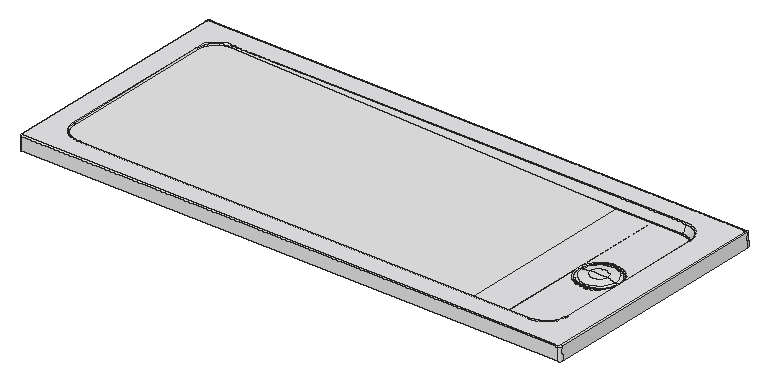
Revit family "Shower-Base-KOHLER-UK-400925_1", category Plumbing Fixtures, host Face, Revit 2017
Family settings
  Host = Face
  Round Connector Dimension = Use Diameter
  Part Type = Normal
  OmniClass Number = 23.31.17.13
  OmniClass Title = Shower Receptors
  Cut with Voids When Loaded = No
  Shared = No
  Room Calculation Point = No
Parameters (values of type "White")
  Width = 62 127/128"  # constant formula
  WaterSense Certified = 1 = 0  # no
  Waste Water Outlet = "Waste Water Outlet"  # constant formula
  Waste Connection = 1 = 1  # yes
  Vent Connection = 1 = 0  # no
  URL = "https://www.kohler.co.uk/"
  Type = 1
  Product Page URL = ""
  Product Name = "UK"  # constant formula
  Product Documentation Link = ""
  Pressure = 0.00 psi
  Model = "400925"  # constant formula
  Material = "Acrylic Capped ABS"  # constant formula
  Master Format 2014 Name = "Residential Showers"  # constant formula
  Master Format 2014 = "22 42 23"  # constant formula
  Manufacturer Address = "Cromwell Road, Cheltenham, Gloucestershire. GL52 5EP Registered in England No. 252115"  # constant formula
  Manufacturer = "KOHLER Co."  # constant formula
  Length = 27 143/256"  # constant formula
  Hot Water Inlet = "Hot Water Inlet"  # constant formula
  Height = 1 73/128"  # constant formula
  HW Connection = 1 = 0  # no
  Flow Rate = 0 GPM
  Finish = KOHLER-Acrylic-0-White
  Environmental Product Declaration = ""
  Drain Included = 1 = 1  # yes
  Description = "KOHLER UK LOW 1600 x 700 LL TRAY 0UPS"  # constant formula
  Default Elevation = 0"
  Declare Label = ""
  Date Modified = "08/25/2021"  # constant formula
  Date Created = "08/25/2021"  # constant formula
  Copyright = "Copyright KOHLER Co."  # constant formula
  Contact Us = "https://www.kohler.co.uk/support/contact/"
  Cold Water Inlet = "Cold Water Inlet"  # constant formula
  CW Connection = 1 = 0  # no
  Assembly Code = "D2010700"
  ADA Compliant = 1 = 0  # no
Reference planes (in)
  plane 1 "Center (Front/Back)": y = 0
  plane 2: z = 0
  plane 3 "Center (Left/Right)": x = 1.972687
  plane 4: x = 33.46875
  plane 5: x = 26.972687
  plane 6: y = 13.7790662
  plane 7: y = -13.7795276
  plane 8: x = 30.8309547
  plane 9: z = 1.5703125
  plane 10: y = 11.1417323
  plane 11: y = -11.1417323
  plane 12: x = -29.5234375
  plane 13: x = -26.8855807
Dimensions and locks (in)
  plane 5 to plane 4 = 6.49606"
  "Length": plane 7 to plane 6
  plane 7 to plane 1 "Center (Front/Back)" = 13.77953"
  plane 7 to plane 11 = 2.6378"
  "Height": plane 9 to level
  "Width": plane 12 to plane 4
  plane 12 to plane 13 = 2.63786"
  aligned and locked: plane 2 to host face
  aligned and locked: level to host face
Automatic sketch dimensions
  host sketch curve to host sketch curve = 96"  (x2)
Nested families (in)
  nested 1: "400925" at (13.7837106, 0, 0), type "400925"
Connectors (in)
  piping at (26.972687, 0, 0), diameter 1.7734375, driven by "Waste Connection", driven by "Waste Water Outlet"
    settings: on nested 1, index 1, connector inside diameter 24", connector length 0", flow factor 0, pipe flow 0 GPM, pressure drop 0.00 psi, fitting loss kfactor 0, connector angle 0.00°, fixture units 0, engagement length 0", angle of deflection 0.00°, flow configuration 0, flow direction 2, fitting loss method 0, system type 16, joint type 0, gender type 0, connector reference index -1, connector utility 1, adjustable connector no, is connector primary yes, connector description "Waste Water Outlet"
Definition of nested family "400925"
  Parameters (values of type "400925")
    Material = none
  Reference planes (in)
    plane 1 "Center (Front/Back)": y = 0
    plane 2: z = 0
    plane 3 "Center (Left/Right)": x = 0
    plane 4: x = 19.6850394
    plane 5: x = 13.1889764
    plane 6: x = -11.8110236
    plane 7: y = 13.7795276
    plane 8: x = 17.0472441
    plane 9: z = 1.57
    plane 10: y = -11.1417323
    plane 11: y = -13.7795276
    plane 12: y = 11.1417323
    plane 13: x = -43.3070866
    plane 14: x = -40.6692913
  Forms (in)
    Sweep 1, solid, material <- "Material", detail levels medium+fine
      path origin (0, 0, 0) x (1, 0, 0) y (0, 1, 0)
        loop
          line (-43.2987198, 13.4705874) -> (-43.2987198, -13.4705874)
          arc (-43.2987198, -13.4705874) -> (-43.2082334, -13.6890411) -> (-42.9897797, -13.7795276) r 0.3089401
          line (-42.9897797, -13.7795276) -> (19.3760992, -13.7795276)
          arc (19.3760992, -13.7795276) -> (19.5945529, -13.6890411) -> (19.6850394, -13.4705874) r 0.3089401
          line (19.6850394, -13.4705874) -> (19.6850394, 13.4705874)
          arc (19.6850394, 13.4705874) -> (19.5945529, 13.6890411) -> (19.3760992, 13.7795276) r 0.3089401
          line (19.3760992, 13.7795276) -> (-42.9897797, 13.7795276)
          arc (-42.9897797, 13.7795276) -> (-43.2082334, 13.6890411) -> (-43.2987198, 13.4705874) r 0.3089401
      profile origin (-43.2987198, 0, 0) x (1, 0, 0) y (0, 0, 1)
        loop
          line (0.0006443, 0) -> (0.1927356, 0) -> (0.1927356, 1.57) -> (0.1562358, 1.57)
          arc (0.1562358, 1.57) -> (0.074234, 1.5366608) -> (0.0387596, 1.4555598) r 0.1175164
          line (0.0387596, 1.4555598) -> (0.0006443, 0)
    Sweep 2, solid, material <- "Material", detail levels medium+fine
      path origin (0, 0, 0) x (1, 0, 0) y (0, 1, 0)
        loop
          line (-40.6692913, 8.976378) -> (-40.6692913, -8.976378)
          arc (-40.6692913, -8.976378) -> (-40.0350737, -10.5075147) -> (-38.503937, -11.1417323) r 2.1653543
          line (-38.503937, -11.1417323) -> (14.2849646, -11.1417323)
          arc (14.2849646, -11.1417323) -> (15.8161013, -10.5075147) -> (16.4503189, -8.976378) r 2.1653543
          line (16.4503189, -8.976378) -> (16.4503189, 8.976378)
          arc (16.4503189, 8.976378) -> (15.8161013, 10.5075147) -> (14.2849646, 11.1417323) r 2.1653543
          line (14.2849646, 11.1417323) -> (-38.503937, 11.1417323)
          arc (-38.503937, 11.1417323) -> (-40.0350737, 10.5075147) -> (-40.6692913, 8.976378) r 2.1653543
      profile origin (16.4503189, 0, 0) x (1, 0, 0) y (0, 0, 1)
        loop
          arc (0.1676522, 1.57) -> (0.1214167, 1.5565236) -> (0.0896629, 1.5203153) r 0.0860517
          line (0.0896629, 1.5203153) -> (-0.3018099, 0.6807992)
          arc (-0.3018099, 0.6807992) -> (-0.3466197, 0.6297034) -> (-0.4118657, 0.6106859) r 0.1214331
          line (-0.4118657, 0.6106859) -> (-0.5167323, 0.6106859) -> (-0.5167323, 0) -> (0.2275295, 0) -> (0.2275295, 1.57) -> (0.1676522, 1.57)
    Extrusion 3, solid, material <- "Material", detail levels medium+fine
      sketch origin (0, 0, 0) x (1, 0, 0) y (0, 1, 0)
        loop
          line (-40.8968209, 8.976378) -> (-40.8968209, -8.976378)
          arc (-40.8968209, -8.976378) -> (-40.1959614, -10.6684024) -> (-38.503937, -11.3692618) r 2.3928839
          line (-38.503937, -11.3692618) -> (14.2849646, -11.3692618)
          arc (14.2849646, -11.3692618) -> (15.976989, -10.6684024) -> (16.6778484, -8.976378) r 2.3928839
          line (16.6778484, -8.976378) -> (16.6778484, 8.976378)
          arc (16.6778484, 8.976378) -> (15.976989, 10.6684024) -> (14.2849646, 11.3692618) r 2.3928839
          line (14.2849646, 11.3692618) -> (-38.503937, 11.3692618)
          arc (-38.503937, 11.3692618) -> (-40.1959614, 10.6684024) -> (-40.8968209, 8.976378) r 2.3928839
        loop
          arc (19.3760992, -13.586792) -> (19.4582683, -13.5527565) -> (19.4923038, -13.4705874) r 0.1162046
          line (19.4923038, -13.4705874) -> (19.4923038, 13.4705874)
          arc (19.4923038, 13.4705874) -> (19.4582683, 13.5527565) -> (19.3760992, 13.586792) r 0.1162046
          line (19.3760992, 13.586792) -> (-42.9897797, 13.586792)
          arc (-42.9897797, 13.586792) -> (-43.0719487, 13.5527565) -> (-43.1059843, 13.4705874) r 0.1162046
          line (-43.1059843, 13.4705874) -> (-43.1059843, -13.4705874)
          arc (-43.1059843, -13.4705874) -> (-43.0719487, -13.5527565) -> (-42.9897797, -13.586792) r 0.1162046
          line (-42.9897797, -13.586792) -> (19.3760992, -13.586792)
      from 0 to 1.57
    Extrusion 4, solid, material <- "Material", detail levels medium+fine
      sketch origin (0, 0, 0) x (1, 0, 0) y (0, 1, 0)
        loop
          arc (-40.1963681, 13.0142717) -> (-42.2537774, 12.1620648) -> (-43.1059843, 10.1046555) r 2.9096161
          line (-43.1059843, 10.1046555) -> (-43.1059843, -10.0731595)
          arc (-43.1059843, -10.0731595) -> (-42.2537774, -12.1305688) -> (-40.1963681, -12.9827756) r 2.9096161
          line (-40.1963681, -12.9827756) -> (14.2849646, -12.9827756)
          arc (14.2849646, -12.9827756) -> (16.364645, -12.1213438) -> (17.2260768, -10.0416634) r 2.9411122
          line (17.2260768, -10.0416634) -> (17.2260768, 10.0731595)
          arc (17.2260768, 10.0731595) -> (16.364645, 12.1528398) -> (14.2849646, 13.0142717) r 2.9411122
          line (14.2849646, 13.0142717) -> (-40.1963681, 13.0142717)
      from 0 to 0.6106859
    Extrusion 5, solid, material <- "Material", detail levels medium+fine
      sketch origin (0, 0, 0) x (1, 0, 0) y (0, 0, 1)
        loop
          line (-41.1417323, 1.4403291) -> (-41.1417323, 0.271342) -> (10.6418077, 0.271342) -> (10.6418077, 0.5384106) -> (-41.1417323, 1.4403291)
      from -12.9827756 to 12.9827756
    Revolve 6, void
      sketch origin (0, 0, 0) x (1, 0, 0) y (0, 0, 1)
        loop
          line (13.1889764, 0.6106859) -> (10.6927422, 0.6106859)
          arc (10.6927422, 0.6106859) -> (10.7997224, 0.5701538) -> (10.8529868, 0.4689089) r 0.1614473
          arc (10.8529868, 0.4689089) -> (10.8937728, 0.3888569) -> (10.9764738, 0.3537516) r 0.1313393
          line (10.9764738, 0.3537516) -> (11.2982666, 0.3368872)
          arc (11.2982666, 0.3368872) -> (11.387151, 0.2959109) -> (11.4234193, 0.2050037) r 0.1320644
          line (11.4234193, 0.2050037) -> (11.4234193, 0.0492126) -> (13.1889764, 0.0492126) -> (13.1889764, 0.6106859)
        axis (13.1889764, 0.6106859) -> (13.1889764, 0.0492126)
      angle from 0 to 360
    Revolve 7, solid, detail levels medium+fine
      sketch origin (0, 0, 0) x (1, 0, 0) y (0, 0, 1)
        loop
          arc (12.2059431, 0.8287298) -> (11.707767, 0.7639586) -> (11.2136814, 0.6731064) r 9.5597045
          arc (11.2136814, 0.6731064) -> (11.059126, 0.639128) -> (10.9051543, 0.6025959) r 9.5597045
          arc (10.9051543, 0.6025959) -> (10.8731209, 0.5786292) -> (10.8680831, 0.538941) r 0.0512339
          arc (10.8680831, 0.538941) -> (10.8816466, 0.5016709) -> (10.9005705, 0.4668154) r 0.2675631
          arc (10.9005705, 0.4668154) -> (10.9518054, 0.4191412) -> (11.0196176, 0.40184) r 0.1415461
          line (11.0196176, 0.40184) -> (11.3449577, 0.40184)
          arc (11.3449577, 0.40184) -> (11.452802, 0.3571695) -> (11.4974725, 0.2493252) r 0.1525148
          line (11.4974725, 0.2493252) -> (11.4974725, 0.1428681)
          arc (11.4974725, 0.1428681) -> (11.5106851, 0.1109701) -> (11.5425832, 0.0977575) r 0.0451106
          line (11.5425832, 0.0977575) -> (13.1889764, 0.0977575) -> (13.1889764, 0.8794072)
          arc (13.1889764, 0.8794072) -> (12.696807, 0.8667294) -> (12.2059431, 0.8287298) r 9.5597045
        axis (13.1889764, 0.0977575) -> (13.1889764, 0.8794072)
      angle from 0 to 360
    Extrusion 8, solid, material <- "Material", detail levels coarse
      sketch origin (0, 0, 0) x (1, 0, 0) y (0, 1, 0)
        loop
          line (-43.3070866, 13.7795276) -> (-43.3070866, -13.7795276) -> (19.6850394, -13.7795276) -> (19.6850394, 13.7795276) -> (-43.3070866, 13.7795276)
      from 0 to 1.57
    Extrusion 9, void
      sketch origin (0, 0, 0) x (1, 0, 0) y (0, 1, 0)
        loop
          arc (-37.8341634, 11.1417323) -> (-39.8915727, 10.2895254) -> (-40.7437795, 8.2321161) r 2.9096161
          line (-40.7437795, 8.2321161) -> (-40.7437795, -8.2321161)
          arc (-40.7437795, -8.2321161) -> (-39.8915727, -10.2895254) -> (-37.8341634, -11.1417323) r 2.9096161
          line (-37.8341634, -11.1417323) -> (14.1061319, -11.1417323)
          arc (14.1061319, -11.1417323) -> (16.1635412, -10.2895254) -> (17.015748, -8.2321161) r 2.9096161
          line (17.015748, -8.2321161) -> (17.015748, 8.2321161)
          arc (17.015748, 8.2321161) -> (16.1635412, 10.2895254) -> (14.1061319, 11.1417323) r 2.9096161
          line (14.1061319, 11.1417323) -> (-37.8341634, 11.1417323)
      from 0.5857123 to 2.8389641
    Extrusion 10, solid, material <- "Material", detail levels medium+fine
      sketch origin (0, 0, 0) x (1, 0, 0) y (0, 1, 0)
        loop
          circle (13.1889764, 0) r 0.1124676
      from 0 to 0.0492126
  Cuts and joins
    Revolve 6 cuts Extrusion 4
    joined: Sweep 1, Sweep 2, Extrusion 3, Extrusion 4
    Extrusion 9 cuts Extrusion 8
  Lines and regions (in)
    Masking region 1
      outline origin (0, 0, 0) x (1, 0, 0) y (0, 1, 0)
        loop
          arc (-42.9986185, 13.7795276) -> (-43.2167384, 13.6891793) -> (-43.3070866, 13.4710594) r 0.3084681
          line (-43.3070866, 13.4710594) -> (-43.3070866, -13.4710594)
          arc (-43.3070866, -13.4710594) -> (-43.2167384, -13.6891793) -> (-42.9986185, -13.7795276) r 0.3084681
          line (-42.9986185, -13.7795276) -> (19.3765712, -13.7795276)
          arc (19.3765712, -13.7795276) -> (19.5946911, -13.6891793) -> (19.6850394, -13.4710594) r 0.3084681
          line (19.6850394, -13.4710594) -> (19.6850394, 13.4710594)
          arc (19.6850394, 13.4710594) -> (19.5946911, 13.6891793) -> (19.3765712, 13.7795276) r 0.3084681
          line (19.3765712, 13.7795276) -> (-42.9986185, 13.7795276)
    Masking region 2
      outline origin (0, 0, 0) x (1, 0, 0) y (0, 0, 1)
        loop
          arc (-43.1446349, 1.57) -> (-43.2254205, 1.5371483) -> (-43.2603518, 1.45724) r 0.1157556
          line (-43.2603518, 1.45724) -> (-43.2980755, 0) -> (19.6847408, 0) -> (19.6470171, 1.45724)
          arc (19.6470171, 1.45724) -> (19.6120858, 1.5371483) -> (19.5313002, 1.57) r 0.1157556
          line (19.5313002, 1.57) -> (-43.1446349, 1.57)
    Masking region 3
      outline origin (0, 0, 0) x (0, 1, 0) y (0, 0, 1)
        loop
          line (13.6216928, 1.57) -> (-13.6216928, 1.57)
          arc (-13.6216928, 1.57) -> (-13.7049829, 1.5361338) -> (-13.7410069, 1.453754) r 0.1193546
          line (-13.7410069, 1.453754) -> (-13.7788832, 0) -> (13.7788832, 0) -> (13.7410069, 1.453754)
          arc (13.7410069, 1.453754) -> (13.7049829, 1.5361338) -> (13.6216928, 1.57) r 0.1193546
    symbolic lines, detail levels medium+fine
      curve 1: arc (-43.0002105, 13.6579109, 0) -> (-43.1348139, 13.6021564, 0) -> (-43.1905684, 13.467553, 0) r 0.1903579
      curve 2: line (-43.1905684, 13.467553, 0) -> (-43.1905684, -13.4990491, 0)
      curve 3: line (19.5669291, -13.4990491, 0) -> (19.5669291, 13.467553, 0)
      curve 4: arc (19.5669291, 13.467553, 0) -> (19.5111746, 13.6021564, 0) -> (19.3765712, 13.6579109, 0) r 0.1903579
      curve 5: line (19.3765712, 13.6579109, 0) -> (-43.0002105, 13.6579109, 0)
      curve 7: line (16.488189, 8.2712938, 0) -> (16.488189, -8.3028442, 0)
      curve 9: circle (13.1889764, 0, 0) r 2.3090576 normal (0, 0, 1)
      curve 10: circle (13.1889764, 0, 0) r 1.8860886 normal (0, 0, 1)
      curve 11: line (-43.2572887, 0, 1.480862) -> (19.6471913, 0, 1.480862)
      curve 12: line (0, 13.7390539, 1.4773761) -> (0, -13.7380156, 1.4773761)
      curve 14: line (-40.1581496, 8.3027899, 0) -> (-40.1581496, -8.3343403, 0)
      curve 17: line (-37.8625687, 10.5983709, 0) -> (14.161112, 10.5983709, 0)
      curve 18: arc (16.488189, 8.2712938, 0) -> (15.8066039, 9.9167858, 0) -> (14.161112, 10.5983709, 0) r 2.327077
      curve 20: arc (-40.1581496, 8.3027899, 0) -> (-39.4857895, 9.9260108, 0) -> (-37.8625687, 10.5983709, 0) r 2.295581
      curve 23: arc (16.488189, -8.3028442, 0) -> (15.8066039, -9.9483362, 0) -> (14.161112, -10.6299213, 0) r 2.327077
      curve 24: line (-37.8625687, -10.6299213, 0) -> (14.161112, -10.6299213, 0)
      curve 26: arc (-40.1581496, -8.3343403, 0) -> (-39.4857895, -9.9575612, 0) -> (-37.8625687, -10.6299213, 0) r 2.295581
      curve 27: line (19.3760992, 0, 0) -> (19.3760992, 0, 1.57)
      curve 28: line (0, 13.5645835, 0) -> (0, 13.5645835, 1.57)
      curve 29: arc (-43.0002105, -13.689407, 0) -> (-43.1348139, -13.6336525, 0) -> (-43.1905684, -13.4990491, 0) r 0.1903579
      curve 30: arc (19.5669291, -13.4990491, 0) -> (19.5111746, -13.6336525, 0) -> (19.3765712, -13.689407, 0) r 0.1903579
      curve 31: line (19.3765712, -13.689407, 0) -> (-43.0002105, -13.689407, 0)
      curve 32: line (0, -13.5960795, 0) -> (0, -13.5960795, 1.5690157)
      curve 33: line (-37.8625687, -10.9448819, 0) -> (14.208356, -10.9448819, 0)
      curve 34: arc (16.8503937, -8.3028442, 0) -> (16.0765588, -10.171047, 0) -> (14.208356, -10.9448819, 0) r 2.6420377
      curve 35: line (16.8503937, 8.3028442, 0) -> (16.8503937, -8.3028442, 0)
      curve 36: arc (16.8503937, 8.3028442, 0) -> (16.0765588, 10.171047, 0) -> (14.208356, 10.9448819, 0) r 2.6420377
      curve 37: line (-37.8625687, 10.9448819, 0) -> (14.208356, 10.9448819, 0)
      curve 38: arc (-40.4731103, 8.3343403, 0) -> (-39.7085003, 10.180272, 0) -> (-37.8625687, 10.9448819, 0) r 2.6105416
      curve 39: line (-40.4731103, 8.3343403, 0) -> (-40.4731103, -8.3343403, 0)
      curve 40: arc (-40.4731103, -8.3343403, 0) -> (-39.7085003, -10.180272, 0) -> (-37.8625687, -10.9448819, 0) r 2.6105416
      curve 41: line (-37.8625687, -10.511811, 0) -> (14.161112, -10.511811, 0)
      curve 42: arc (16.3700787, -8.3028442, 0) -> (15.7230873, -9.8648196, 0) -> (14.161112, -10.511811, 0) r 2.2089668
      curve 43: line (16.3700787, 8.2712938, 0) -> (16.3700787, -8.3028442, 0)
      curve 44: arc (16.3700787, 8.2712938, 0) -> (15.7230873, 9.8332692, 0) -> (14.161112, 10.4802606, 0) r 2.2089668
      curve 45: line (-37.8625687, 10.4802606, 0) -> (14.161112, 10.4802606, 0)
      curve 46: arc (-40.0400394, 8.3027899, 0) -> (-39.402273, 9.8424942, 0) -> (-37.8625687, 10.4802606, 0) r 2.1774707
      curve 47: line (-40.0400394, 8.3027899, 0) -> (-40.0400394, -8.3343403, 0)
      curve 48: arc (-40.0400394, -8.3343403, 0) -> (-39.402273, -9.8740446, 0) -> (-37.8625687, -10.511811, 0) r 2.1774707
      curve 49: line (-42.9981465, 0, 0) -> (-42.9981465, 0, 1.57)
    symbolic lines
      curve 6: line (17.0472441, 8.3028442, 0) -> (17.0472441, -8.3028442, 0)
      curve 8: circle (13.1889764, 0, 0) r 2.4839478 normal (0, 0, 1)
      curve 13: line (-40.6699606, 8.3343403, 0) -> (-40.6699606, -8.3343403, 0)
      curve 15: line (-37.8625687, 11.1417323, 0) -> (14.208356, 11.1417323, 0)
      curve 16: arc (17.0472441, 8.3028442, 0) -> (16.215753, 10.3102412, 0) -> (14.208356, 11.1417323, 0) r 2.838888
      curve 19: arc (-40.6699606, 8.3343403, 0) -> (-39.8476946, 10.3194662, 0) -> (-37.8625687, 11.1417323, 0) r 2.807392
      curve 21: line (-37.8625687, -11.1417323, 0) -> (14.208356, -11.1417323, 0)
      curve 22: arc (17.0472441, -8.3028442, 0) -> (16.215753, -10.3102412, 0) -> (14.208356, -11.1417323, 0) r 2.838888
      curve 25: arc (-40.6699606, -8.3343403, 0) -> (-39.8476946, -10.3194662, 0) -> (-37.8625687, -11.1417323, 0) r 2.807392
  Dimensions and locks (in)
    plane 5 to plane 4 = 6.49606"
    plane 9 to level = 1.57"
    plane 7 to plane 1 "Center (Front/Back)" = 13.77953"
    plane 11 to plane 10 = 2.6378"
    plane 7 to plane 11 = 27.55906"
    plane 13 to plane 4 = 62.99213"
    plane 13 to plane 14 = 2.6378"
    aligned and locked: plane 2 to level
